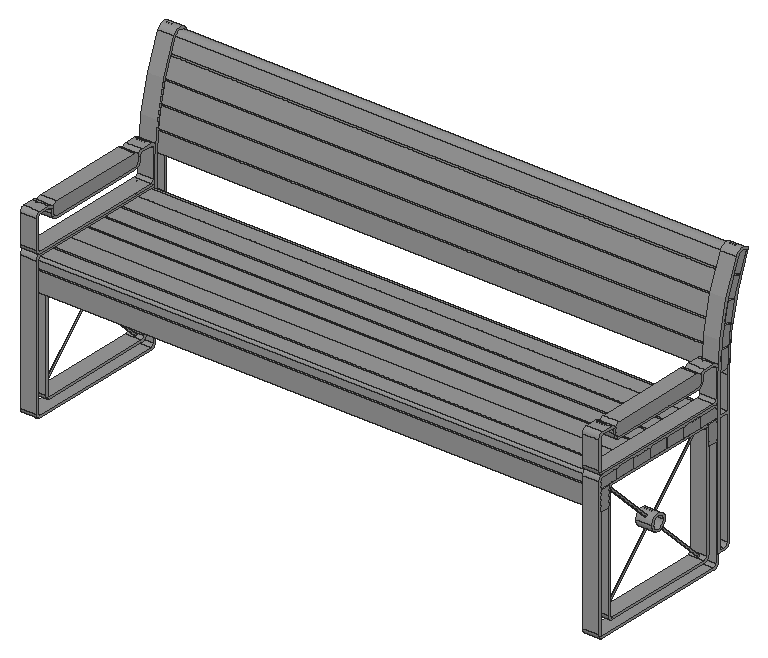
Revit family "Скамейка стальная «София» с подлокотниками Арт 14110", category Антураж, Revit 2018
Family settings
  На основе рабочей плоскости = Нет
  Всегда вертикально = Да
  При загрузке вырезать с полостями = Нет
  Источник визуального образа = Геометрия семейства
  Общий = Нет
  Точка расчета площади = Нет
Parameters (values of type "Версия 1,8 м")
  Ширина = 580 mm  # constant formula
  Цвет лавки = Дерево
  Цвет опор = Сталь
  Средняя опора = [Версия 2,0 м]  # no
  Описание = if([Версия 1,5 м], "Скамейка стальная «София» с подлокотниками. Версия 1,5 м", if([Версия 1,8 м], "Скамейка стальная «София» с подлокотниками. Версия 1,8 м", "Скамейка стальная «София» с подлокотниками. Версия 2,0 м (три опоры)"))  # "Скамейка стальная «София» с подлокотниками. Версия 1,8 м"
  Материал изделия = "Сталь, дерево"  # constant formula
  Изображение типоразмера = Скамейка стальная «София» с подлокотниками Арт 14110.jpg
  Изготовитель = "ООО «Хоббика»"  # constant formula
  Длина = if([Версия 1,5 м], 1500 mm, if([Версия 1,8 м], 1800 mm, 2000 mm))  # 1800 mm
  Группа модели = "Скамейки"  # constant formula
  Высота = 850 mm  # constant formula
  Версия 2,0 м = not(or([Версия 1,5 м], [Версия 1,8 м]))  # no
  Версия 1,8 м = yes
  Версия 1,5 м = no
  Артикул товара = "Арт. 14110"  # constant formula
  URL = "https://hobbyka.ru/product/skameyka_stalnaya_sofiya_s_podlokotnikami/"
Types (4, lengths in mm): name | Средняя опора | Описание | Изображение типоразмера | Длина | Версия 2,0 м | Версия 1,8 м | Версия 1,5 м
  (no name) | no | "Скамейка стальная «София» с подлокотниками. Версия 1,8 м" | Скамейка стальная «София» с подлокотниками Арт 14110.jpg | 1800 | no | yes | no
  Версия 2,0 м | yes | "Скамейка стальная «София» с подлокотниками. Версия 2,0 м (три опоры)" | Скамейка стальная «София» с подлокотниками Арт 14110 3 опоры.jpg | 2000 | yes | no | no
  Версия 1,8 м | no | "Скамейка стальная «София» с подлокотниками. Версия 1,8 м" | Скамейка стальная «София» с подлокотниками Арт 14110.jpg | 1800 | no | yes | no
  Версия 1,5 м | no | "Скамейка стальная «София» с подлокотниками. Версия 1,5 м" | Скамейка стальная «София» с подлокотниками Арт 14110.jpg | 1500 | no | no | yes
Reference planes
  plane 1 "По центру (Вперед/Назад)": y = 0
  plane 2: z = 0
  plane 3 "По центру (Влево/Вправо)": x = 0
  plane 4: x = 1800
  plane 5: x = 1750
  plane 6: x = 50
  plane 7: x = 25
  plane 8: x = 1775
  plane 9: x = 900
  plane 10: x = 875
  plane 11: x = 925
  plane 12: z = 850
  plane 13: y = 580
Forms (mm)
  Extrusion 1, solid, material "Сталь" <- "Цвет опор"
    sketch origin (0, 0, 0) x (0, 1, 0) y (0, 0, 1)
      loop
        line (447, 457) -> (15, 457)
        arc (15, 457) -> (4.393, 452.607) -> (0, 442) r 15
        line (0, 442) -> (0, 15)
        arc (0, 15) -> (4.393, 4.393) -> (15, 0) r 15
        line (15, 0) -> (447, 0)
        arc (447, 0) -> (457.607, 4.393) -> (462, 15) r 15
        line (462, 15) -> (462, 442)
        arc (462, 442) -> (457.607, 452.607) -> (447, 457) r 15
      loop
        line (447, 451) -> (15, 451)
        arc (15, 451) -> (8.636, 448.364) -> (6, 442) r 9
        line (6, 442) -> (6, 15)
        arc (6, 15) -> (8.636, 8.636) -> (15, 6) r 9
        line (15, 6) -> (447, 6)
        arc (447, 6) -> (453.364, 8.636) -> (456, 15) r 9
        line (456, 15) -> (456, 442)
        arc (456, 442) -> (453.364, 448.364) -> (447, 451) r 9
      loop
        line (410, 420) -> (52, 420)
        arc (52, 420) -> (41.393, 415.607) -> (37, 405) r 15
        line (37, 405) -> (37, 52)
        arc (37, 52) -> (41.393, 41.393) -> (52, 37) r 15
        line (52, 37) -> (410, 37)
        arc (410, 37) -> (420.607, 41.393) -> (425, 52) r 15
        line (425, 52) -> (425, 405)
        arc (425, 405) -> (420.607, 415.607) -> (410, 420) r 15
      loop
        line (410, 414) -> (52, 414)
        arc (52, 414) -> (45.636, 411.364) -> (43, 405) r 9
        line (43, 405) -> (43, 52)
        arc (43, 52) -> (45.636, 45.636) -> (52, 43) r 9
        line (52, 43) -> (410, 43)
        arc (410, 43) -> (416.364, 45.636) -> (419, 52) r 9
        line (419, 52) -> (419, 405)
        arc (419, 405) -> (416.364, 411.364) -> (410, 414) r 9
      loop
        circle (231, 228.326) r 25
      loop
        circle (231, 228.326) r 20
    from 0 to 50
  Extrusion 2, solid, material "Сталь" <- "Цвет опор"
    sketch origin (0, 0, 0) x (0, 1, 0) y (0, 0, 1)
      loop
        line (447, 457) -> (15, 457)
        arc (15, 457) -> (4.393, 452.607) -> (0, 442) r 15
        line (0, 442) -> (0, 15)
        arc (0, 15) -> (4.393, 4.393) -> (15, 0) r 15
        line (15, 0) -> (447, 0)
        arc (447, 0) -> (457.607, 4.393) -> (462, 15) r 15
        line (462, 15) -> (462, 442)
        arc (462, 442) -> (457.607, 452.607) -> (447, 457) r 15
      loop
        line (447, 451) -> (15, 451)
        arc (15, 451) -> (8.636, 448.364) -> (6, 442) r 9
        line (6, 442) -> (6, 15)
        arc (6, 15) -> (8.636, 8.636) -> (15, 6) r 9
        line (15, 6) -> (447, 6)
        arc (447, 6) -> (453.364, 8.636) -> (456, 15) r 9
        line (456, 15) -> (456, 442)
        arc (456, 442) -> (453.364, 448.364) -> (447, 451) r 9
      loop
        line (410, 420) -> (52, 420)
        arc (52, 420) -> (41.393, 415.607) -> (37, 405) r 15
        line (37, 405) -> (37, 52)
        arc (37, 52) -> (41.393, 41.393) -> (52, 37) r 15
        line (52, 37) -> (410, 37)
        arc (410, 37) -> (420.607, 41.393) -> (425, 52) r 15
        line (425, 52) -> (425, 405)
        arc (425, 405) -> (420.607, 415.607) -> (410, 420) r 15
      loop
        line (410, 414) -> (52, 414)
        arc (52, 414) -> (45.636, 411.364) -> (43, 405) r 9
        line (43, 405) -> (43, 52)
        arc (43, 52) -> (45.636, 45.636) -> (52, 43) r 9
        line (52, 43) -> (410, 43)
        arc (410, 43) -> (416.364, 45.636) -> (419, 52) r 9
        line (419, 52) -> (419, 405)
        arc (419, 405) -> (416.364, 411.364) -> (410, 414) r 9
      loop
        circle (231, 228.326) r 25
      loop
        circle (231, 228.326) r 20
    from 1750 to 1800
  Sweep 3, solid, material "Сталь" <- "Цвет опор"
    path origin (0, 0, 0) x (0, 1, 0) y (0, 0, 1)
      loop
        line (45.892, 411.61) -> (213.427, 246.108)
    profile origin (0, 129.66, 328.859) x (0, 0.702774, 0.711413) y (1, 0, 0)
      loop
        circle (0, 25) r 2.5
  Sweep 4, solid, material "Сталь" <- "Цвет опор"
    path origin (0, 2.674, 459.326) x (0, 0, -1) y (0, 1, 0)
      loop
        line (47.962, 413.69) -> (213.355, 246.036)
    profile origin (0, 332.537, 328.668) x (0, 0.70229, -0.711891) y (1, 0, 0)
      loop
        circle (0, 25) r 2.5
  Sweep 5, solid, material "Сталь" <- "Цвет опор"
    path origin (0, 0, 456.652) x (0, 1, 0) y (0, 0, -1)
      loop
        line (45.892, 411.61) -> (213.427, 246.108)
    profile origin (0, 129.66, 127.793) x (0, -0.702774, 0.711413) y (1, 0, 0)
      loop
        circle (0, 25) r 2.5
  Sweep 6, solid, material "Сталь" <- "Цвет опор"
    path origin (0, 2.674, -2.674) x (0, 0, 1) y (0, -1, 0)
      loop
        line (47.962, -413.69) -> (213.355, -246.036)
    profile origin (0, 332.537, 127.985) x (0, -0.70229, -0.711891) y (1, 0, 0)
      loop
        circle (0, 25) r 2.5
  Sweep 7, solid, material "Сталь" <- "Цвет опор"
    path origin (1750, 974.988, 1200) x (0, 1, 0) y (0, 0, 1)
      loop
        line (-929.097, -788.39) -> (-761.561, -953.892)
    profile origin (1750, 129.66, 328.859) x (0, 0.702774, 0.711413) y (1, 0, 0)
      loop
        circle (0, 25) r 2.5
  Sweep 8, solid, material "Сталь" <- "Цвет опор"
    path origin (1750, 974.988, 1200) x (0, 1, 0) y (0, 0, 1)
      loop
        line (-558.625, -788.636) -> (-726.278, -954.029)
    profile origin (1750, 332.537, 328.668) x (0, 0.70229, -0.711891) y (1, 0, 0)
      loop
        circle (0, 25) r 2.5
  Sweep 9, solid, material "Сталь" <- "Цвет опор"
    path origin (1750, 974.988, 1200) x (0, 1, 0) y (0, 0, 1)
      loop
        line (-929.097, -1154.957) -> (-761.561, -989.456)
    profile origin (1750, 129.66, 127.793) x (0, -0.702774, 0.711413) y (1, 0, 0)
      loop
        circle (0, 25) r 2.5
  Sweep 10, solid, material "Сталь" <- "Цвет опор"
    path origin (1750, 974.988, 1200) x (0, 1, 0) y (0, 0, 1)
      loop
        line (-558.625, -1154.712) -> (-726.278, -989.319)
    profile origin (1750, 332.537, 127.985) x (0, -0.70229, -0.711891) y (1, 0, 0)
      loop
        circle (0, 25) r 2.5
  Extrusion 11, solid, material "Дерево" <- "Цвет лавки"
    sketch origin (0, 0, 0) x (0, 1, 0) y (0, 0, 1)
      loop
        line (396, 420) -> (456, 420) -> (456, 442)
        arc (456, 442) -> (453.364, 448.364) -> (447, 451) r 9
        line (447, 451) -> (396, 451) -> (396, 420)
      loop
        line (391, 451) -> (331, 451) -> (331, 420) -> (391, 420) -> (391, 451)
      loop
        line (326, 451) -> (266, 451) -> (266, 420) -> (326, 420) -> (326, 451)
      loop
        line (261, 451) -> (201, 451) -> (201, 420) -> (261, 420) -> (261, 451)
      loop
        line (196, 451) -> (136, 451) -> (136, 420) -> (196, 420) -> (196, 451)
      loop
        line (131, 451) -> (71, 451) -> (71, 420) -> (131, 420) -> (131, 451)
      loop
        line (66, 420) -> (66, 451) -> (15, 451)
        arc (15, 451) -> (8.636, 448.364) -> (6, 442) r 9
        line (6, 442) -> (6, 420) -> (66, 420)
      loop
        line (37, 415) -> (6, 415) -> (6, 355) -> (37, 355) -> (37, 415)
      loop
        line (456, 415) -> (425, 415) -> (425, 355) -> (456, 355) -> (456, 415)
      loop
        arc (499.327, 540.02) -> (500.683, 568.699) -> (503.186, 597.301) r 717.258
        line (503.186, 597.301) -> (472.546, 600.736)
        arc (472.546, 600.736) -> (469.79, 570.866) -> (468.297, 540.905) r 711.261
        line (468.297, 540.905) -> (499.327, 540.02)
      loop
        arc (573.226, 838.102) -> (555.116, 843.66) -> (539.983, 832.265) r 20.848
        arc (539.983, 832.265) -> (530.991, 813.111) -> (522.573, 793.697) r 711.261
        line (522.573, 793.697) -> (548.944, 783.293)
        arc (548.944, 783.293) -> (560.512, 810.951) -> (573.226, 838.102) r 717.264
      loop
        line (473.128, 605.702) -> (503.72, 602.118)
        arc (503.72, 602.118) -> (507.554, 630.596) -> (512.526, 658.898) r 717.273
        line (512.526, 658.898) -> (482.819, 664.896)
        arc (482.819, 664.896) -> (477.349, 635.401) -> (473.128, 605.702) r 711.261
      loop
        line (483.852, 669.788) -> (513.338, 662.974)
        arc (513.338, 662.974) -> (519.711, 691.462) -> (527.238, 719.668) r 717.263
        line (527.238, 719.668) -> (498.905, 727.85)
        arc (498.905, 727.85) -> (490.766, 698.978) -> (483.852, 669.788) r 711.261
      loop
        line (500.38, 732.628) -> (528.606, 724.238)
        arc (528.606, 724.238) -> (537.341, 751.678) -> (547.171, 778.746) r 717.264
        line (547.171, 778.746) -> (520.669, 789.074)
        arc (520.669, 789.074) -> (509.929, 761.065) -> (500.38, 732.628) r 711.261
    from 0 to 1800
  Extrusion 12, solid, material "Сталь" <- "Цвет опор"
    sketch origin (0, 0, 0) x (0, 1, 0) y (0, 0, 1)
      loop
        arc (15, 575) -> (4.393, 570.607) -> (0, 560) r 15
        line (0, 560) -> (0, 472)
        arc (0, 472) -> (4.393, 461.393) -> (15, 457) r 15
        line (15, 457) -> (447, 457)
        arc (447, 457) -> (457.607, 461.393) -> (462, 472) r 15
        line (462, 472) -> (462, 560)
        arc (462, 560) -> (457.607, 570.607) -> (447, 575) r 15
        line (447, 575) -> (412, 575)
        arc (412, 575) -> (401.393, 570.607) -> (397, 560) r 15
        line (397, 560) -> (397, 550)
        arc (397, 550) -> (392.607, 539.393) -> (382, 535) r 15
        line (382, 535) -> (80, 535)
        arc (80, 535) -> (69.393, 539.393) -> (65, 550) r 15
        line (65, 550) -> (65, 560)
        arc (65, 560) -> (60.607, 570.607) -> (50, 575) r 15
        line (50, 575) -> (15, 575)
      loop
        arc (412, 569) -> (405.636, 566.364) -> (403, 560) r 9
        line (403, 560) -> (403, 550)
        arc (403, 550) -> (396.849, 535.151) -> (382, 529) r 21
        line (382, 529) -> (80, 529)
        arc (80, 529) -> (65.151, 535.151) -> (59, 550) r 21
        line (59, 550) -> (59, 560)
        arc (59, 560) -> (56.364, 566.364) -> (50, 569) r 9
        line (50, 569) -> (15, 569)
        arc (15, 569) -> (8.636, 566.364) -> (6, 560) r 9
        line (6, 560) -> (6, 472)
        arc (6, 472) -> (8.636, 465.636) -> (15, 463) r 9
        line (15, 463) -> (447, 463)
        arc (447, 463) -> (453.364, 465.636) -> (456, 472) r 9
        line (456, 472) -> (456, 560)
        arc (456, 560) -> (453.364, 566.364) -> (447, 569) r 9
        line (447, 569) -> (412, 569)
    from 0 to 50
  Extrusion 13, solid, material "Дерево" <- "Цвет лавки"
    sketch origin (0, 0, 0) x (0, 1, 0) y (0, 0, 1)
      loop
        arc (80, 575) -> (69.393, 570.607) -> (65, 560) r 15
        line (65, 560) -> (65, 550)
        arc (65, 550) -> (69.393, 539.393) -> (80, 535) r 15
        line (80, 535) -> (382, 535)
        arc (382, 535) -> (392.607, 539.393) -> (397, 550) r 15
        line (397, 550) -> (397, 560)
        arc (397, 560) -> (392.607, 570.607) -> (382, 575) r 15
        line (382, 575) -> (80, 575)
    from 0 to 50
  Extrusion 14, solid, material "Сталь" <- "Цвет опор"
    sketch origin (0, 0, 0) x (0, 1, 0) y (0, 0, 1)
      loop
        arc (15, 575) -> (4.393, 570.607) -> (0, 560) r 15
        line (0, 560) -> (0, 472)
        arc (0, 472) -> (4.393, 461.393) -> (15, 457) r 15
        line (15, 457) -> (447, 457)
        arc (447, 457) -> (457.607, 461.393) -> (462, 472) r 15
        line (462, 472) -> (462, 560)
        arc (462, 560) -> (457.607, 570.607) -> (447, 575) r 15
        line (447, 575) -> (412, 575)
        arc (412, 575) -> (401.393, 570.607) -> (397, 560) r 15
        line (397, 560) -> (397, 550)
        arc (397, 550) -> (392.607, 539.393) -> (382, 535) r 15
        line (382, 535) -> (80, 535)
        arc (80, 535) -> (69.393, 539.393) -> (65, 550) r 15
        line (65, 550) -> (65, 560)
        arc (65, 560) -> (60.607, 570.607) -> (50, 575) r 15
        line (50, 575) -> (15, 575)
      loop
        arc (412, 569) -> (405.636, 566.364) -> (403, 560) r 9
        line (403, 560) -> (403, 550)
        arc (403, 550) -> (396.849, 535.151) -> (382, 529) r 21
        line (382, 529) -> (80, 529)
        arc (80, 529) -> (65.151, 535.151) -> (59, 550) r 21
        line (59, 550) -> (59, 560)
        arc (59, 560) -> (56.364, 566.364) -> (50, 569) r 9
        line (50, 569) -> (15, 569)
        arc (15, 569) -> (8.636, 566.364) -> (6, 560) r 9
        line (6, 560) -> (6, 472)
        arc (6, 472) -> (8.636, 465.636) -> (15, 463) r 9
        line (15, 463) -> (447, 463)
        arc (447, 463) -> (453.364, 465.636) -> (456, 472) r 9
        line (456, 472) -> (456, 560)
        arc (456, 560) -> (453.364, 566.364) -> (447, 569) r 9
        line (447, 569) -> (412, 569)
    from 1750 to 1800
  Extrusion 15, solid, material "Дерево" <- "Цвет лавки"
    sketch origin (0, 0, 0) x (0, 1, 0) y (0, 0, 1)
      loop
        arc (80, 575) -> (69.393, 570.607) -> (65, 560) r 15
        line (65, 560) -> (65, 550)
        arc (65, 550) -> (69.393, 539.393) -> (80, 535) r 15
        line (80, 535) -> (382, 535)
        arc (382, 535) -> (392.607, 539.393) -> (397, 550) r 15
        line (397, 550) -> (397, 560)
        arc (397, 560) -> (392.607, 570.607) -> (382, 575) r 15
        line (382, 575) -> (80, 575)
    from 1750 to 1800
  Extrusion 16, solid, material "Сталь" <- "Цвет опор", visible <- "Средняя опора"
    sketch origin (0, 0, 0) x (0, 1, 0) y (0, 0, 1)
      loop
        line (447, 457) -> (15, 457)
        arc (15, 457) -> (4.393, 452.607) -> (0, 442) r 15
        line (0, 442) -> (0, 15)
        arc (0, 15) -> (4.393, 4.393) -> (15, 0) r 15
        line (15, 0) -> (447, 0)
        arc (447, 0) -> (457.607, 4.393) -> (462, 15) r 15
        line (462, 15) -> (462, 442)
        arc (462, 442) -> (457.607, 452.607) -> (447, 457) r 15
      loop
        line (447, 451) -> (15, 451)
        arc (15, 451) -> (8.636, 448.364) -> (6, 442) r 9
        line (6, 442) -> (6, 15)
        arc (6, 15) -> (8.636, 8.636) -> (15, 6) r 9
        line (15, 6) -> (447, 6)
        arc (447, 6) -> (453.364, 8.636) -> (456, 15) r 9
        line (456, 15) -> (456, 442)
        arc (456, 442) -> (453.364, 448.364) -> (447, 451) r 9
      loop
        line (410, 420) -> (52, 420)
        arc (52, 420) -> (41.393, 415.607) -> (37, 405) r 15
        line (37, 405) -> (37, 52)
        arc (37, 52) -> (41.393, 41.393) -> (52, 37) r 15
        line (52, 37) -> (410, 37)
        arc (410, 37) -> (420.607, 41.393) -> (425, 52) r 15
        line (425, 52) -> (425, 405)
        arc (425, 405) -> (420.607, 415.607) -> (410, 420) r 15
      loop
        line (410, 414) -> (52, 414)
        arc (52, 414) -> (45.636, 411.364) -> (43, 405) r 9
        line (43, 405) -> (43, 52)
        arc (43, 52) -> (45.636, 45.636) -> (52, 43) r 9
        line (52, 43) -> (410, 43)
        arc (410, 43) -> (416.364, 45.636) -> (419, 52) r 9
        line (419, 52) -> (419, 405)
        arc (419, 405) -> (416.364, 411.364) -> (410, 414) r 9
      loop
        circle (231, 228.326) r 25
      loop
        circle (231, 228.326) r 20
    from 875 to 925
  Sweep 17, solid, material "Сталь" <- "Цвет опор", visible <- "Средняя опора"
    path origin (875, 0, 0) x (0, 1, 0) y (0, 0, 1)
      loop
        line (45.892, 411.61) -> (213.427, 246.108)
    profile origin (875, 129.66, 328.859) x (0, 0.702774, 0.711413) y (1, 0, 0)
      loop
        circle (0, 25) r 2.5
  Sweep 18, solid, material "Сталь" <- "Цвет опор", visible <- "Средняя опора"
    path origin (875, 0, 0) x (0, 1, 0) y (0, 0, 1)
      loop
        line (416.364, 411.364) -> (248.71, 245.971)
    profile origin (875, 332.537, 328.668) x (0, 0.70229, -0.711891) y (1, 0, 0)
      loop
        circle (0, 25) r 2.5
  Sweep 19, solid, material "Сталь" <- "Цвет опор", visible <- "Средняя опора"
    path origin (875, 0, 0) x (0, 1, 0) y (0, 0, 1)
      loop
        line (45.892, 45.043) -> (213.427, 210.544)
    profile origin (875, 129.66, 127.793) x (0, -0.702774, 0.711413) y (1, 0, 0)
      loop
        circle (0, 25) r 2.5
  Sweep 20, solid, material "Сталь" <- "Цвет опор", visible <- "Средняя опора"
    path origin (875, 0, 0) x (0, 1, 0) y (0, 0, 1)
      loop
        line (416.364, 45.288) -> (248.71, 210.681)
    profile origin (875, 332.537, 127.985) x (0, -0.70229, -0.711891) y (1, 0, 0)
      loop
        circle (0, 25) r 2.5
  Extrusion 21, solid, material "Сталь" <- "Цвет опор"
    sketch origin (875, 926.962, 1200) x (0, 1, 0) y (0, 0, 1)
      loop
        line (-464.962, -1162.19) -> (-439.587, -1162.19)
        arc (-439.587, -1162.19) -> (-427.087, -1157.013) -> (-421.909, -1144.513) r 17.678
        line (-421.909, -1144.513) -> (-421.909, -679.513)
        arc (-421.909, -679.513) -> (-402.822, -515.843) -> (-346.585, -360.958) r 711.266
        arc (-346.585, -360.958) -> (-370.641, -350.108) -> (-392.37, -365.084) r 26.858
        arc (-392.37, -365.084) -> (-446.578, -518.163) -> (-464.962, -679.513) r 717.266
        line (-464.962, -679.513) -> (-464.962, -1162.19)
      loop
        line (-458.962, -1156.19) -> (-439.587, -1156.19)
        arc (-439.587, -1156.19) -> (-431.33, -1152.77) -> (-427.909, -1144.513) r 11.678
        line (-427.909, -1144.513) -> (-427.909, -785) -> (-458.962, -785) -> (-458.962, -1156.19)
      loop
        arc (-427.909, -679.513) -> (-409.12, -516.414) -> (-353.735, -361.86) r 717.266
        arc (-353.735, -361.86) -> (-371.848, -356.316) -> (-386.977, -367.714) r 20.858
        arc (-386.977, -367.714) -> (-440.732, -519.513) -> (-458.962, -679.513) r 711.266
        line (-458.962, -679.513) -> (-458.962, -780) -> (-427.909, -780) -> (-427.909, -679.513)
    from -875 to -825
  Extrusion 22, solid, material "Сталь" <- "Цвет опор"
    sketch origin (875, 926.962, 1200) x (0, 1, 0) y (0, 0, 1)
      loop
        line (-464.962, -1162.19) -> (-439.587, -1162.19)
        arc (-439.587, -1162.19) -> (-427.087, -1157.013) -> (-421.909, -1144.513) r 17.678
        line (-421.909, -1144.513) -> (-421.909, -679.513)
        arc (-421.909, -679.513) -> (-402.822, -515.843) -> (-346.585, -360.958) r 711.266
        arc (-346.585, -360.958) -> (-370.641, -350.108) -> (-392.37, -365.084) r 26.858
        arc (-392.37, -365.084) -> (-446.578, -518.163) -> (-464.962, -679.513) r 717.266
        line (-464.962, -679.513) -> (-464.962, -1162.19)
      loop
        line (-458.962, -1156.19) -> (-439.587, -1156.19)
        arc (-439.587, -1156.19) -> (-431.33, -1152.77) -> (-427.909, -1144.513) r 11.678
        line (-427.909, -1144.513) -> (-427.909, -785) -> (-458.962, -785) -> (-458.962, -1156.19)
      loop
        arc (-427.909, -679.513) -> (-409.12, -516.414) -> (-353.735, -361.86) r 717.266
        arc (-353.735, -361.86) -> (-371.848, -356.316) -> (-386.977, -367.714) r 20.858
        arc (-386.977, -367.714) -> (-440.732, -519.513) -> (-458.962, -679.513) r 711.266
        line (-458.962, -679.513) -> (-458.962, -780) -> (-427.909, -780) -> (-427.909, -679.513)
    from 875 to 925
  Extrusion 23, solid, material "Сталь" <- "Цвет опор", visible <- "Средняя опора"
    sketch origin (875, 926.962, 1200) x (0, 1, 0) y (0, 0, 1)
      loop
        line (-464.962, -1162.19) -> (-439.587, -1162.19)
        arc (-439.587, -1162.19) -> (-427.087, -1157.013) -> (-421.909, -1144.513) r 17.678
        line (-421.909, -1144.513) -> (-421.909, -679.513)
        arc (-421.909, -679.513) -> (-402.822, -515.843) -> (-346.585, -360.958) r 711.266
        arc (-346.585, -360.958) -> (-370.641, -350.108) -> (-392.37, -365.084) r 26.858
        arc (-392.37, -365.084) -> (-446.578, -518.163) -> (-464.962, -679.513) r 717.266
        line (-464.962, -679.513) -> (-464.962, -1162.19)
      loop
        line (-458.962, -1156.19) -> (-439.587, -1156.19)
        arc (-439.587, -1156.19) -> (-431.33, -1152.77) -> (-427.909, -1144.513) r 11.678
        line (-427.909, -1144.513) -> (-427.909, -785) -> (-458.962, -785) -> (-458.962, -1156.19)
      loop
        arc (-427.909, -679.513) -> (-409.12, -516.414) -> (-353.735, -361.86) r 717.266
        arc (-353.735, -361.86) -> (-371.848, -356.316) -> (-386.977, -367.714) r 20.858
        arc (-386.977, -367.714) -> (-440.732, -519.513) -> (-458.962, -679.513) r 711.266
        line (-458.962, -679.513) -> (-458.962, -780) -> (-427.909, -780) -> (-427.909, -679.513)
    from 0 to 50
Dimensions and locks
  "Длина": plane 3 "По центру (Влево/Вправо)" to plane 4
  locked: plane 3 "По центру (Влево/Вправо)" to plane 6 at 50
  locked: plane 5 to plane 4 at 50
  equal spacing: plane 3 "По центру (Влево/Вправо)", plane 7, plane 6
  equal spacing: plane 5, plane 8, plane 4
  equal spacing: plane 3 "По центру (Влево/Вправо)", plane 9, plane 4
  plane 10 to plane 9 to plane 11 = 25 mm, 25 mm
  "Высота": plane 12 to level
  "Ширина": plane 13 to plane 1 "По центру (Вперед/Назад)"
  aligned and locked: level to plane 2
  aligned and locked: Extrusion 1 to plane 3 "По центру (Влево/Вправо)"
  aligned and locked: plane 6 to Extrusion 1
  aligned and locked: plane 4 to Extrusion 2
  aligned and locked: Extrusion 2 to plane 5
  aligned and locked: Extrusion 11 to plane 3 "По центру (Влево/Вправо)"
  aligned and locked: plane 4 to Extrusion 11
  aligned and locked: plane 6 to Extrusion 13
  aligned and locked: plane 6 to Extrusion 12
  aligned and locked: plane 4 to Extrusion 14
  aligned and locked: Extrusion 14 to plane 5
  aligned and locked: plane 4 to Extrusion 15
  aligned and locked: Extrusion 15 to plane 5
  aligned and locked: plane 11 to Extrusion 16
  aligned and locked: Extrusion 16 to plane 10
  aligned and locked: plane 6 to Extrusion 21
  aligned and locked: plane 4 to Extrusion 22
  aligned and locked: Extrusion 22 to plane 5
  aligned and locked: plane 11 to Extrusion 23
  aligned and locked: Extrusion 23 to plane 10
  aligned and locked: Extrusion 21 to plane 3 "По центру (Влево/Вправо)"
  aligned and locked: Extrusion 21 to plane 6
Automatic sketch dimensions
  Extrusion 1 sketch curve to Extrusion 1 sketch curve = 0 mm  (x18)
  Extrusion 1 sketch curve to plane 1 "По центру (Вперед/Назад)" = 0 mm
  Extrusion 1 sketch curve to level = 0 mm
  Extrusion 1 sketch curve to plane 1 "По центру (Вперед/Назад)" = 6 mm
  Extrusion 1 sketch curve to plane 1 "По центру (Вперед/Назад)" = 15 mm
  Extrusion 1 sketch curve to Extrusion 1 sketch curve = 9 mm  (x5)
  Extrusion 1 sketch curve to plane 1 "По центру (Вперед/Назад)" = 37 mm
  Extrusion 1 sketch curve to Extrusion 1 sketch curve = 6 mm
  Extrusion 1 sketch curve to plane 1 "По центру (Вперед/Назад)" = 231 mm
  Extrusion 1 sketch curve to plane 13 = 170 mm  (x2)
  Extrusion 1 sketch curve to Extrusion 1 sketch curve = 37 mm  (x3)
  level to Extrusion 1 sketch curve = 37 mm
  level to Extrusion 1 sketch curve = 228.326 mm
  Extrusion 1 sketch curve to Extrusion 1 sketch curve = 176.674 mm
  Extrusion 2 sketch curve to Extrusion 2 sketch curve = 0 mm  (x28)
  Extrusion 2 sketch curve to plane 1 "По центру (Вперед/Назад)" = 0 mm
  Extrusion 2 sketch curve to level = 0 mm
  Extrusion 2 sketch curve to plane 1 "По центру (Вперед/Назад)" = 6 mm
  Extrusion 2 sketch curve to Extrusion 2 sketch curve = 9 mm  (x6)
  Extrusion 2 sketch curve to plane 1 "По центру (Вперед/Назад)" = 37 mm
  Extrusion 2 sketch curve to Extrusion 2 sketch curve = 6 mm
  Extrusion 2 sketch curve to plane 1 "По центру (Вперед/Назад)" = 231 mm
  Extrusion 2 sketch curve to plane 13 = 170 mm  (x2)
  level to Extrusion 2 sketch curve = 37 mm
  Extrusion 2 sketch curve to Extrusion 2 sketch curve = 37 mm  (x3)
  level to Extrusion 2 sketch curve = 228.326 mm
  Extrusion 2 sketch curve to Extrusion 2 sketch curve = 176.674 mm
  Extrusion 2 sketch curve to Extrusion 2 sketch curve = 25 mm
  Extrusion 2 sketch curve to Extrusion 2 sketch curve = 5 mm
  Sweep 3 sketch curve to plane 1 "По центру (Вперед/Назад)" = 45.892 mm
  level to Sweep 3 sketch curve = 246.108 mm
  Sweep 3 sketch curve to plane 1 "По центру (Вперед/Назад)" = 213.427 mm
  Sweep 3 sketch curve to Sweep 3 sketch curve = 165.501 mm
  Sweep 3 sketch curve to profile plane = 0 mm
  plane 3 "По центру (Влево/Вправо)" to Sweep 3 sketch curve = 25 mm
  Sweep 4 sketch curve to plane 13 = 163.636 mm
  level to Sweep 4 sketch curve = 411.364 mm
  Sweep 4 sketch curve to Sweep 4 sketch curve = 165.393 mm
  Sweep 4 sketch curve to Sweep 4 sketch curve = 167.654 mm
  Sweep 4 sketch curve to profile plane = 0 mm
  profile plane to Sweep 4 sketch curve = 25 mm
  plane 1 "По центру (Вперед/Назад)" to Sweep 5 sketch curve = 45.892 mm
  Sweep 5 sketch curve to level = 210.544 mm
  plane 1 "По центру (Вперед/Назад)" to Sweep 5 sketch curve = 213.427 mm
  Sweep 5 sketch curve to level = 45.043 mm
  Sweep 5 sketch curve to profile plane = 0 mm
  plane 3 "По центру (Влево/Вправо)" to Sweep 5 sketch curve = 25 mm
  level to Sweep 6 sketch curve = 45.288 mm
  Sweep 6 sketch curve to plane 13 = 163.636 mm
  level to Sweep 6 sketch curve = 210.681 mm
  Sweep 6 sketch curve to Sweep 6 sketch curve = 167.654 mm
  Sweep 6 sketch curve to profile plane = 0 mm
  profile plane to Sweep 6 sketch curve = 25 mm
  Sweep 7 sketch curve to plane 1 "По центру (Вперед/Назад)" = 45.892 mm
  level to Sweep 7 sketch curve = 246.108 mm
  Sweep 7 sketch curve to plane 1 "По центру (Вперед/Назад)" = 213.427 mm
  Sweep 7 sketch curve to Sweep 7 sketch curve = 165.501 mm
  Sweep 7 sketch curve to profile plane = 0 mm
  plane 5 to Sweep 7 sketch curve = 25 mm
  Sweep 8 sketch curve to plane 1 "По центру (Вперед/Назад)" = 248.71 mm
  level to Sweep 8 sketch curve = 245.971 mm
  Sweep 8 sketch curve to plane 13 = 163.636 mm
  Sweep 8 sketch curve to Sweep 8 sketch curve = 165.393 mm
  Sweep 8 sketch curve to profile plane = 0 mm
  plane 5 to Sweep 8 sketch curve = 25 mm
  Sweep 9 sketch curve to plane 1 "По центру (Вперед/Назад)" = 45.892 mm
  level to Sweep 9 sketch curve = 45.043 mm
  Sweep 9 sketch curve to plane 1 "По центру (Вперед/Назад)" = 213.427 mm
  level to Sweep 9 sketch curve = 210.544 mm
  Sweep 9 sketch curve to profile plane = 0 mm
  plane 5 to Sweep 9 sketch curve = 25 mm
  Sweep 10 sketch curve to plane 1 "По центру (Вперед/Назад)" = 248.71 mm
  level to Sweep 10 sketch curve = 45.288 mm
  Sweep 10 sketch curve to plane 13 = 163.636 mm
  level to Sweep 10 sketch curve = 210.681 mm
  Sweep 10 sketch curve to profile plane = 0 mm
  plane 5 to Sweep 10 sketch curve = 25 mm
  Extrusion 12 sketch curve to Extrusion 12 sketch curve = 0 mm  (x16)
  Extrusion 12 sketch curve to plane 1 "По центру (Вперед/Назад)" = 0 mm
  Extrusion 12 sketch curve to Extrusion 12 sketch curve = 6 mm
  Extrusion 12 sketch curve to Extrusion 12 sketch curve = 9 mm  (x4)
  Extrusion 12 sketch curve to plane 1 "По центру (Вперед/Назад)" = 15 mm
  Extrusion 12 sketch curve to Extrusion 12 sketch curve = 35 mm  (x2)
  Extrusion 12 sketch curve to Extrusion 12 sketch curve = 15 mm  (x2)
  Extrusion 12 sketch curve to plane 13 = 198 mm
  Extrusion 12 sketch curve to Extrusion 12 sketch curve = 65 mm
  Extrusion 12 sketch curve to plane 12 = 393 mm
  Extrusion 12 sketch curve to Extrusion 12 sketch curve = 57 mm
  Extrusion 12 sketch curve to Extrusion 12 sketch curve = 10 mm  (x2)
  Extrusion 13 sketch curve to plane 1 "По центру (Вперед/Назад)" = 65 mm
  Extrusion 13 sketch curve to Extrusion 13 sketch curve = 15 mm  (x2)
  Extrusion 13 sketch curve to Extrusion 13 sketch curve = 0 mm  (x2)
  Extrusion 13 sketch curve to plane 13 = 198 mm
  Extrusion 13 sketch curve to plane 12 = 315 mm
  Extrusion 13 sketch curve to Extrusion 13 sketch curve = 10 mm
  Extrusion 14 sketch curve to Extrusion 14 sketch curve = 0 mm  (x16)
  Extrusion 14 sketch curve to plane 1 "По центру (Вперед/Назад)" = 0 mm
  Extrusion 14 sketch curve to Extrusion 14 sketch curve = 6 mm
  Extrusion 14 sketch curve to Extrusion 14 sketch curve = 9 mm  (x4)
  Extrusion 14 sketch curve to plane 1 "По центру (Вперед/Назад)" = 15 mm
  Extrusion 14 sketch curve to Extrusion 14 sketch curve = 35 mm  (x2)
  Extrusion 14 sketch curve to Extrusion 14 sketch curve = 15 mm  (x2)
  Extrusion 14 sketch curve to plane 13 = 198 mm
  Extrusion 14 sketch curve to Extrusion 14 sketch curve = 65 mm
  Extrusion 14 sketch curve to plane 12 = 393 mm
  Extrusion 14 sketch curve to Extrusion 14 sketch curve = 57 mm
  Extrusion 14 sketch curve to Extrusion 14 sketch curve = 10 mm  (x2)
  Extrusion 15 sketch curve to plane 1 "По центру (Вперед/Назад)" = 65 mm
  Extrusion 15 sketch curve to Extrusion 15 sketch curve = 15 mm  (x2)
  Extrusion 15 sketch curve to Extrusion 15 sketch curve = 0 mm  (x2)
  Extrusion 15 sketch curve to plane 13 = 198 mm
  Extrusion 15 sketch curve to plane 12 = 315 mm
  Extrusion 15 sketch curve to Extrusion 15 sketch curve = 10 mm
  Extrusion 16 sketch curve to Extrusion 16 sketch curve = 0 mm  (x18)
  Extrusion 16 sketch curve to plane 1 "По центру (Вперед/Назад)" = 0 mm
  Extrusion 16 sketch curve to level = 0 mm
  Extrusion 16 sketch curve to plane 1 "По центру (Вперед/Назад)" = 6 mm
  Extrusion 16 sketch curve to plane 1 "По центру (Вперед/Назад)" = 15 mm
  Extrusion 16 sketch curve to Extrusion 16 sketch curve = 9 mm  (x5)
  Extrusion 16 sketch curve to plane 1 "По центру (Вперед/Назад)" = 37 mm
  Extrusion 16 sketch curve to Extrusion 16 sketch curve = 6 mm
  Extrusion 16 sketch curve to plane 1 "По центру (Вперед/Назад)" = 231 mm
  Extrusion 16 sketch curve to plane 13 = 170 mm  (x2)
  Extrusion 16 sketch curve to Extrusion 16 sketch curve = 37 mm  (x3)
  level to Extrusion 16 sketch curve = 37 mm
  level to Extrusion 16 sketch curve = 228.326 mm
  Extrusion 16 sketch curve to Extrusion 16 sketch curve = 176.674 mm
  Sweep 17 sketch curve to Extrusion 16 = 2.892 mm
  Sweep 17 sketch curve to Extrusion 16 = 167.892 mm
  Sweep 17 sketch curve to Extrusion 16 = 170.427 mm
  Sweep 17 sketch curve to Extrusion 16 = 2.39 mm
  Sweep 17 sketch curve to profile plane = 0 mm
  profile plane to Sweep 17 sketch curve = 25 mm
  Sweep 18 sketch curve to Extrusion 16 = 170.29 mm
  Sweep 18 sketch curve to Extrusion 16 = 168.029 mm
  Sweep 18 sketch curve to Extrusion 16 = 2.636 mm  (x2)
  Sweep 18 sketch curve to profile plane = 0 mm
  profile plane to Sweep 18 sketch curve = 25 mm
  Sweep 19 sketch curve to Extrusion 16 = 2.892 mm
  Sweep 19 sketch curve to Extrusion 16 = 2.043 mm
  Sweep 19 sketch curve to Extrusion 16 = 170.427 mm
  Sweep 19 sketch curve to Extrusion 16 = 167.544 mm
  Sweep 19 sketch curve to profile plane = 0 mm
  profile plane to Sweep 19 sketch curve = 25 mm
  Sweep 20 sketch curve to Extrusion 16 = 170.29 mm
  Sweep 20 sketch curve to Extrusion 16 = 2.288 mm
  Sweep 20 sketch curve to Extrusion 16 = 2.636 mm
  Sweep 20 sketch curve to Extrusion 16 = 167.681 mm
  Sweep 20 sketch curve to profile plane = 0 mm
  profile plane to Sweep 20 sketch curve = 25 mm
  Extrusion 21 sketch curve to Extrusion 21 sketch curve = 0 mm  (x12)
  level to Extrusion 21 sketch curve = 37.81 mm
  Extrusion 21 sketch curve to plane 13 = 118 mm
  Extrusion 21 sketch curve to Extrusion 21 sketch curve = 6 mm  (x3)
  Extrusion 21 sketch curve to Extrusion 21 sketch curve = 19.375 mm
  Extrusion 21 sketch curve to Extrusion 21 sketch curve = 31.052 mm
  Extrusion 21 sketch curve to plane 13 = 21.269 mm
  plane 13 to Extrusion 21 sketch curve = 599.266 mm
  Extrusion 21 sketch curve to Extrusion 21 sketch curve = 37.052 mm
  Extrusion 21 sketch curve to Extrusion 21 sketch curve = 359.513 mm
  Extrusion 21 sketch curve to Extrusion 21 sketch curve = 5 mm
  Extrusion 21 sketch curve to plane 12 = 329.513 mm
  Extrusion 21 sketch curve to plane 12 = 26.858 mm
  Extrusion 22 sketch curve to Extrusion 22 sketch curve = 0 mm  (x12)
  level to Extrusion 22 sketch curve = 37.81 mm
  Extrusion 22 sketch curve to plane 13 = 118 mm
  Extrusion 22 sketch curve to Extrusion 22 sketch curve = 6 mm  (x3)
  Extrusion 22 sketch curve to Extrusion 22 sketch curve = 19.375 mm
  Extrusion 22 sketch curve to Extrusion 22 sketch curve = 31.052 mm
  Extrusion 22 sketch curve to plane 13 = 21.269 mm
  plane 13 to Extrusion 22 sketch curve = 599.266 mm
  Extrusion 22 sketch curve to Extrusion 22 sketch curve = 37.052 mm
  Extrusion 22 sketch curve to Extrusion 22 sketch curve = 359.513 mm
  Extrusion 22 sketch curve to Extrusion 22 sketch curve = 5 mm
  Extrusion 22 sketch curve to plane 12 = 329.513 mm
  Extrusion 22 sketch curve to plane 12 = 26.858 mm
  Extrusion 23 sketch curve to Extrusion 23 sketch curve = 0 mm  (x12)
  level to Extrusion 23 sketch curve = 37.81 mm
  Extrusion 23 sketch curve to plane 13 = 118 mm
  Extrusion 23 sketch curve to Extrusion 23 sketch curve = 6 mm  (x3)
  Extrusion 23 sketch curve to Extrusion 23 sketch curve = 19.375 mm
  Extrusion 23 sketch curve to Extrusion 23 sketch curve = 31.052 mm
  Extrusion 23 sketch curve to plane 13 = 21.269 mm
  plane 13 to Extrusion 23 sketch curve = 599.266 mm
  Extrusion 23 sketch curve to Extrusion 23 sketch curve = 37.052 mm
  Extrusion 23 sketch curve to Extrusion 23 sketch curve = 359.513 mm
  Extrusion 23 sketch curve to Extrusion 23 sketch curve = 5 mm
  Extrusion 23 sketch curve to plane 12 = 329.513 mm
  Extrusion 23 sketch curve to plane 12 = 26.858 mm
  Extrusion 11 sketch curve to Extrusion 11 sketch curve = 0 mm  (x22)
  Extrusion 11 sketch curve to plane 1 "По центру (Вперед/Назад)" = 6 mm
  Extrusion 11 sketch curve to Extrusion 11 sketch curve = 9 mm  (x2)
  Extrusion 11 sketch curve to Extrusion 11 sketch curve = 31 mm  (x4)
  Extrusion 11 sketch curve to Extrusion 11 sketch curve = 29 mm  (x2)
  Extrusion 11 sketch curve to Extrusion 11 sketch curve = 5 mm  (x8)
  Extrusion 11 sketch curve to Extrusion 11 sketch curve = 60 mm  (x7)
  Extrusion 11 sketch curve to Extrusion 11 sketch curve = 22 mm  (x2)
  Extrusion 11 sketch curve to Extrusion 11 sketch curve = 21.297 mm
  Extrusion 11 sketch curve to Extrusion 11 sketch curve = 4.249 mm
  Extrusion 11 sketch curve to Extrusion 11 sketch curve = 0.582 mm
  Extrusion 11 sketch curve to Extrusion 11 sketch curve = 9.692 mm
  Extrusion 11 sketch curve to Extrusion 11 sketch curve = 1.032 mm
  Extrusion 11 sketch curve to Extrusion 11 sketch curve = 15.053 mm
  Extrusion 11 sketch curve to Extrusion 11 sketch curve = 31.03 mm
  Extrusion 11 sketch curve to Extrusion 11 sketch curve = 1.475 mm
  Extrusion 11 sketch curve to Extrusion 11 sketch curve = 30.64 mm
  Extrusion 11 sketch curve to Extrusion 11 sketch curve = 0.535 mm
  Extrusion 11 sketch curve to Extrusion 11 sketch curve = 29.706 mm
  Extrusion 11 sketch curve to Extrusion 11 sketch curve = 0.813 mm
  Extrusion 11 sketch curve to plane 13 = 59.331 mm
  Extrusion 11 sketch curve to Extrusion 11 sketch curve = 1.904 mm
  Extrusion 11 sketch curve to Extrusion 11 sketch curve = 28.333 mm
  Extrusion 11 sketch curve to Extrusion 11 sketch curve = 1.368 mm
  Extrusion 11 sketch curve to Extrusion 11 sketch curve = 26.503 mm
  Extrusion 11 sketch curve to Extrusion 11 sketch curve = 1.773 mm
  Extrusion 11 sketch curve to plane 13 = 21.279 mm
  plane 13 to Extrusion 11 sketch curve = 599.265 mm
  Extrusion 11 sketch curve to Extrusion 11 sketch curve = 37.039 mm
  Extrusion 11 sketch curve to Extrusion 11 sketch curve = 0.016 mm
  Extrusion 11 sketch curve to Extrusion 11 sketch curve = 0.024 mm
  Extrusion 11 sketch curve to Extrusion 11 sketch curve = 0.012 mm
  Extrusion 11 sketch curve to plane 12 = 26.874 mm
  Extrusion 11 sketch curve to Extrusion 11 sketch curve = 29.429 mm
  Extrusion 11 sketch curve to Extrusion 11 sketch curve = 4.623 mm
  Extrusion 11 sketch curve to Extrusion 11 sketch curve = 10.404 mm
  Extrusion 11 sketch curve to Extrusion 11 sketch curve = 4.547 mm
  Extrusion 11 sketch curve to Extrusion 11 sketch curve = 56.446 mm
  Extrusion 11 sketch curve to Extrusion 11 sketch curve = 4.778 mm
  Extrusion 11 sketch curve to Extrusion 11 sketch curve = 8.39 mm
  Extrusion 11 sketch curve to Extrusion 11 sketch curve = 4.57 mm
  Extrusion 11 sketch curve to Extrusion 11 sketch curve = 4.892 mm
  Extrusion 11 sketch curve to Extrusion 11 sketch curve = 6.814 mm
  Extrusion 11 sketch curve to Extrusion 11 sketch curve = 4.076 mm
  Extrusion 11 sketch curve to Extrusion 11 sketch curve = 3.584 mm
  Extrusion 11 sketch curve to Extrusion 11 sketch curve = 4.966 mm
  Extrusion 11 sketch curve to Extrusion 11 sketch curve = 4.817 mm
  Extrusion 11 sketch curve to Extrusion 11 sketch curve = 0.885 mm
  Extrusion 11 sketch curve to Extrusion 11 sketch curve = 89.905 mm
  radius of Extrusion 1 sketch curve = 25 mm
  radius of Extrusion 1 sketch curve = 20 mm
  radius of Sweep 3 sketch curve = 2.5 mm
  radius of Sweep 4 sketch curve = 2.5 mm
  radius of Sweep 5 sketch curve = 2.5 mm
  radius of Sweep 6 sketch curve = 2.5 mm
  radius of Sweep 7 sketch curve = 2.5 mm
  radius of Sweep 8 sketch curve = 2.5 mm
  radius of Sweep 9 sketch curve = 2.5 mm
  radius of Sweep 10 sketch curve = 2.5 mm
  radius of Extrusion 16 sketch curve = 25 mm
  radius of Extrusion 16 sketch curve = 20 mm
  radius of Sweep 17 sketch curve = 2.5 mm
  radius of Sweep 18 sketch curve = 2.5 mm
  radius of Sweep 19 sketch curve = 2.5 mm
  radius of Sweep 20 sketch curve = 2.5 mm
